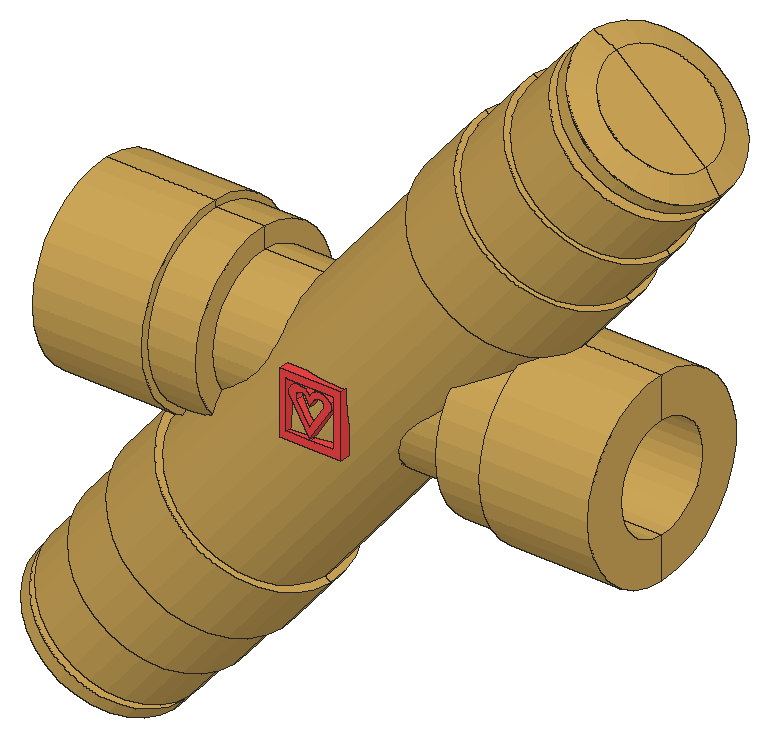
Revit family "HERZ Circulation Temperature Limiter 4011", category Rohrzubehör, Revit 2018
Family settings
  Bemaßung runder Anschluss = Durchmesser verwenden
  Teiletyp = Unterbricht
  OmniClass-Nummer = 23.65.55.14
  OmniClass-Titel = Valves for Liquid Services
  Arbeitsebenenbasiert = Nein
  Immer vertikal = Ja
  Beim Laden mit Abzugskörper schneiden = Nein
  Gemeinsam genutzt = Nein
Parameters (values of type "Factory setting 52 und 70°C")
  Part number [instance] = if(and([52_70], Nennweite = 15.000 mm), 2401101, if(and([52_70], Nennweite = 20.000 mm), 2401102, if(and([55_70], Nennweite = 15.000 mm), 2401111, if(and([55_70], Nennweite = 20.000 mm), 2401112, if(and([58_70], Nennweite = 15.000 mm), 2401117, if(and([58_70], Nennweite = 20.000 mm), 2401118, 0))))))  # 2401101
  Operation = "The HERZ Circuit Temperature Controller is a thermostatically operated proportional controller, requiring no supplementary energy, for pumped return domestic hot water systems.\r\nThe return temperature from each branch is controlled to induce flow to other areas.\r\nThe water volume is limited to the minimum required to guarantee a constant return temperature and thus circulation losses are reduced.\r\nThe valve also allows the system to be pasteurised by raising the boiler outlet temperature as it then allows increased flow to maintain the higher temperature.\r\nAs the medium temperature increases the valve closes until at the set temperature of 52 degrees the valve is closed, except for a small bleed path to maintain the temperature.\r\nAs the medium temperature reduces the valve opens to allow the higher flows until the set temperature is reached.\r\nDuring pasteurisation the boiler outlet temperature is raised above 70 degrees and the second element then pushes the first element back allowing the valve to open fully giving full flow to maintain the higher temperature to pasteurise and clean the system.\r\nAfter the required period the return temperature is reduced to normal and the valve returns to its normal operation.\r\nAccording to the construction has the valve a leakage flow from 0,65 [l/ min] at 10 [kPa] differential pressure."
  Note = "Pursuant to Article 33 of the REACH Regulation (EC No. 1907/2006), we are obliged to point out that the material lead is listed on the SVHC list and that all brass components manufactured in our products exceed 0.1% (w / w) lead (CAS: 7439-92-1 / EINECS: 231-100-4).\r\nSince lead is a component part of an alloy, actual exposure is not possible and therefore no additional information on safe use is necessary."
  Factory setting (temperatur) [instance] = if([52_70], "52 - 70°C", if([55_70], "55 - 70°C", if([58_70], "58 - 70°C", "0")))  # "52 - 70°C"
  W03 = 25.00°  # constant formula
  W02 = 15.00°  # constant formula
  W01 = 50.00°  # constant formula
  URL = "www.herzvalves.com"
  Spring = "stainless steel"  # constant formula
  SC_NennweiteBerechnet = 0
  SC_Dimension = ""
  SCTWSEQ = "AW;SBT_TYP_AW=\"104\";2"
  SCTWCODE = "04;26;02"  # constant formula
  S06 = 40.000 mm  # constant formula
  S05 = 15.000 mm  # constant formula
  S04 = 20.000 mm  # constant formula
  S03 = 60.000 mm  # constant formula
  S02 [instance] = S01 + 5.000 mm  # 11.750 mm
  S01 [instance] = D01 / 2  # 6.750 mm
  R01 = 5.000 mm  # constant formula
  Nennweite [instance] = 15.000 mm
  Medium = "Water"  # constant formula
  Max. operating temperature = 80 °C  # constant formula
  Max. operating pressure = 1000000.0 Pa  # constant formula
  L09 = 4.500 mm  # constant formula
  L08 = 1.500 mm  # constant formula
  L07 [instance] = L03 + L05 + L06  # 58.400 mm
  L06 [instance] = size_lookup("4011_0X_", "L6", 1.000 mm, Nennweite)  # 8.900 mm
  L05 [instance] = size_lookup("4011_0X_", "L5", 1.000 mm, Nennweite)  # 10.000 mm
  L04 [instance] = size_lookup("4011_0X_", "L4", 1.000 mm, Nennweite)  # 11.000 mm
  L03 [instance] = size_lookup("4011_0X_", "L3", 1.000 mm, Nennweite)  # 39.500 mm
  L02 [instance] = size_lookup("4011_0X_", "L2", 1.000 mm, Nennweite)  # 23.000 mm
  L01 [instance] = size_lookup("4011_0X_", "L1", 1.000 mm, Nennweite)  # 15.900 mm
  L00 [instance] = size_lookup("4011_0X_", "L", 1.000 mm, Nennweite)  # 81.000 mm
  IG [instance] = Nennweite / 2  # 7.500 mm
  Hersteller = "HERZ Armaturen Ges.m.b.H."  # constant formula
  Guide parts = "stainless steel"  # constant formula
  GT [instance] = size_lookup("4011_0X_", "GT", 1.000 mm, Nennweite)  # 12.000 mm
  Turned parts = "CW626N, CW617N"  # constant formula
  Seals = "EPDM"  # constant formula
  D10 = 12.000 mm  # constant formula
  D09 = 9.200 mm  # constant formula
  D08 = 8.500 mm  # constant formula
  D07 [instance] = size_lookup("4011_0X_", "D7", 1.000 mm, Nennweite)  # 13.000 mm
  D06 [instance] = size_lookup("4011_0X_", "D6", 1.000 mm, Nennweite)  # 12.200 mm
  D05 [instance] = size_lookup("4011_0X_", "D5", 1.000 mm, Nennweite)  # 12.750 mm
  D04 [instance] = size_lookup("4011_0X_", "D4", 1.000 mm, Nennweite)  # 13.750 mm
  D03 [instance] = size_lookup("4011_0X_", "D3", 1.000 mm, Nennweite)  # 9.500 mm
  D02 [instance] = size_lookup("4011_0X_", "D2", 1.000 mm, Nennweite)  # 12.500 mm
  D01 [instance] = size_lookup("4011_0X_", "D1", 1.000 mm, Nennweite)  # 13.500 mm
  Body = "CC752S"  # constant formula
  Application = "HERZ-CTC, DZR brass version. Shut-off spindle, springs and guide parts are made of stainless chrome-nickel steel.\r\nO-rings EPDM are made of materials which are recognized as safe and WRAS approved.\r\nSocket thread according ISO 7/1 (Rp).\r\nModel with two sensors.\r\n\r\nFactory setting 52 and 70°C\r\n2 4011 01: Dimension DN 15 (1/2), socket x socket, compression union 1 6292 01 for 15 mm copper pipe, and 1 6092 xx for 14 x 2.0 and 16 x 2.0 plastic pipe are to be ordered separately.\r\n2 4011 02: Dimension DN 20 (3/4), socket x socket, compression union 1 6292 02 for 18 mm copper pipe has to be ordered separately."
  58_70 = no
  55_70 = no
  52_70 = yes
Types (4, lengths in mm): name | Part number | Factory setting (temperatur) | S02 | S01 | Nennweite | L07 | L06 | L05 | L04 | L03 | L02 | L01 | L00 | IG | GT | D07 | D06 | D05 | D04 | D03 | D02 | D01 | Application | 58_70 | 55_70 | 52_70
  (no name) | 2401101 | "52 - 70°C" | 11.750 | 6.750 | 15.000 | 58.400 | 8.900 | 10.000 | 11.000 | 39.500 | 23.000 | 15.900 | 81.000 | 7.500 | 12.000 | 13.000 | 12.200 | 12.750 | 13.750 | 9.500 | 12.500 | 13.500 | "HERZ-CTC, DZR brass version. Shut-off spindle, springs and guide parts are made of stainless chrome-nickel steel.\r\nO-rings EPDM are made of materials which are recognized as safe and WRAS approved.\r\nSocket thread according ISO 7/1 (Rp).\r\nModel with two sensors.\r\n\r\nFactory setting 52 and 70°C\r\n2 4011 01: Dimension DN 15 (1/2), socket x socket, compression union 1 6292 01 for 15 mm copper pipe, and 1 6092 xx for 14 x 2.0 and 16 x 2.0 plastic pipe are to be ordered separately.\r\n2 4011 02: Dimension DN 20 (3/4), socket x socket, compression union 1 6292 02 for 18 mm copper pipe has to be ordered separately." | no | no | yes
  Factory setting 52 und 70°C | 2401101 | "52 - 70°C" | 11.750 | 6.750 | 15.000 | 58.400 | 8.900 | 10.000 | 11.000 | 39.500 | 23.000 | 15.900 | 81.000 | 7.500 | 12.000 | 13.000 | 12.200 | 12.750 | 13.750 | 9.500 | 12.500 | 13.500 | "HERZ-CTC, DZR brass version. Shut-off spindle, springs and guide parts are made of stainless chrome-nickel steel.\r\nO-rings EPDM are made of materials which are recognized as safe and WRAS approved.\r\nSocket thread according ISO 7/1 (Rp).\r\nModel with two sensors.\r\n\r\nFactory setting 52 and 70°C\r\n2 4011 01: Dimension DN 15 (1/2), socket x socket, compression union 1 6292 01 for 15 mm copper pipe, and 1 6092 xx for 14 x 2.0 and 16 x 2.0 plastic pipe are to be ordered separately.\r\n2 4011 02: Dimension DN 20 (3/4), socket x socket, compression union 1 6292 02 for 18 mm copper pipe has to be ordered separately." | no | no | yes
  Factory setting 55 und 70°C | 2401112 | "55 - 70°C" | 13.000 | 8.000 | 20.000 | 60.700 | 4.500 | 6.200 | 10.000 | 50.000 | 20.500 | 17.000 | 102.000 | 10.000 | 16.300 | 15.000 | 13.500 | 15.500 | 16.500 | 13.000 | 15.000 | 16.000 | "HERZ-CTC, DZR brass version. Shut-off spindle, springs and guide parts are made of stainless chrome-nickel steel.\r\nO-rings EPDM are made of materials which are recognized as safe and WRAS approved.\r\nSocket thread according ISO 7/1 (Rp).\r\nModel with two sensors.\r\n\r\nFactory setting 55°C and 70°C\r\n2 4011 11: Dimension DN 15 (1/2), other specifications see 2 4011 01\r\n2 4011 12: Dimension DN 20 (3/4), other specifications see 2 4011 02" | no | yes | no
  Factory setting 58 und 70°C | 2401118 | "58 - 70°C" | 13.000 | 8.000 | 20.000 | 60.700 | 4.500 | 6.200 | 10.000 | 50.000 | 20.500 | 17.000 | 102.000 | 10.000 | 16.300 | 15.000 | 13.500 | 15.500 | 16.500 | 13.000 | 15.000 | 16.000 | "HERZ-CTC, DZR brass version. Shut-off spindle, springs and guide parts are made of stainless chrome-nickel steel.\r\nO-rings EPDM are made of materials which are recognized as safe and WRAS approved.\r\nSocket thread according ISO 7/1 (Rp).\r\nModel with two sensors." | yes | no | no
Reference planes
  plane 1 "Mitte (Vorne/hinten)": y = 0
  plane 2: z = 0
  plane 3 "Mitte (Links/rechts)": x = 0
Forms (mm)
  Revolve 1, solid, material "Messing, weicher Gelbton, geschweißt", detail levels fine
    sketch origin (0, 0, 0) x (1, 0, 0) y (0, 0, 1)
      loop
        line (-28.5, 0) -> (28.5, 0) -> (28.5, 7.5) -> (40.5, 7.5) -> (40.5, 13.5) -> (24.6, 13.5) -> (24.6, 12.5) -> (17.5, 12.5) -> (17.5, 9.5) -> (-17.5, 9.5) -> (-17.5, 12.5) -> (-24.6, 12.5) -> (-24.6, 13.5) -> (-40.5, 13.5) -> (-40.5, 7.5) -> (-28.5, 7.5) -> (-28.5, 0)
      axis (-40.5, 0) -> (40.5, 0)
    angle from 0 to 360
  Revolve 2, solid, material "Messing, weicher Gelbton, geschweißt", detail levels fine
    sketch origin (0, 0, 0) x (1, 0, 0) y (0, 0, 1)
      loop
        line (0, 0) -> (25.39, 30.259) -> (14.857, 39.097) -> (7.786, 30.671) -> (8.552, 30.028) -> (-28.087, -13.637) -> (-28.853, -12.994) -> (-35.923, -21.42) -> (-25.39, -30.259) -> (0, 0)
      axis (25.39, 30.259) -> (-25.39, -30.259)
    angle from 0 to 360
  Revolve 3, solid, material "Messing, weicher Gelbton, geschweißt", detail levels fine
    sketch origin (0, 0, 0) x (1, 0, 0) y (0, 0, 1)
      loop
        line (0, 0) -> (37.539, 44.737) -> (28.193, 52.579) -> (22.472, 45.761) -> (21.859, 46.275) -> (15.432, 38.615) -> (21.56, 33.473) -> (-29.22, -27.045) -> (-35.349, -21.903) -> (-41.777, -29.563) -> (-41.164, -30.077) -> (-46.885, -36.895) -> (-37.539, -44.737) -> (0, 0)
      axis (-37.539, -44.737) -> (37.539, 44.737)
    angle from 0 to 360
  Revolve 4, solid, material "Messing, weicher Gelbton, geschweißt", detail levels fine
    sketch origin (0, 0, 0) x (1, 0, 0) y (0, 0, 1)
      loop
        line (0, 0) -> (40.431, 48.184) -> (33.92, 53.648) -> (30.636, 55.179) -> (29.31, 53.6) -> (31.455, 51.8) -> (30.491, 50.651) -> (33.709, 47.951) -> (-41.369, -41.523) -> (-44.586, -38.823) -> (-45.551, -39.972) -> (-47.696, -38.173) -> (-49.021, -39.752) -> (-46.943, -42.721) -> (-40.431, -48.184) -> (0, 0)
      axis (-40.431, -48.184) -> (40.431, 48.184)
    angle from 0 to 360
Lines and regions (mm)
  model lines, detail levels coarse+medium
    curve 1: line (-40.5, 0, 13.5) -> (-40.5, 0, -13.5)
    curve 2: line (-40.5, 0, -13.5) -> (40.5, 0, 13.5)
    curve 3: line (40.5, 0, 13.5) -> (40.5, 0, -13.5)
    curve 4: line (40.5, 0, -13.5) -> (-40.5, 0, 13.5)
    curve 5: circle (0, 0, 0) r 6.75 normal (0, -1, 0)
    curve 6: line (0, 0, 40) -> (0, 0, 60)
    curve 7: line (-15, 0, 60) -> (15, 0, 60)
    curve 8: line (15, 0, 60) -> (15, 0, 80)
    curve 9: line (15, 0, 80) -> (-15, 0, 80)
    curve 10: line (-15, 0, 80) -> (-15, 0, 60)
    curve 11: line (0, 0, 11.75) -> (13.173, 0, 40)
    curve 12: line (0, 0, 11.75) -> (-13.173, 0, 40)
    curve 13: line (-13.173, 0, 40) -> (13.173, 0, 40)
    curve 14: line (-40.5, 13.5, 0) -> (-40.5, -13.5, 0)
    curve 15: line (-40.5, -13.5, 0) -> (40.5, 13.5, 0)
    curve 16: line (40.5, 13.5, 0) -> (40.5, -13.5, 0)
    curve 17: line (40.5, -13.5, 0) -> (-40.5, 13.5, 0)
    curve 18: circle (0, 0, 0) r 6.75 normal (0, 0, 1)
    curve 19: line (0, 40, 0) -> (0, 60, 0)
    curve 20: line (-15, 60, 0) -> (15, 60, 0)
    curve 21: line (15, 60, 0) -> (15, 80, 0)
    curve 22: line (15, 80, 0) -> (-15, 80, 0)
    curve 23: line (-15, 80, 0) -> (-15, 60, 0)
    curve 24: line (0, 11.75, 0) -> (13.173, 40, 0)
    curve 25: line (0, 11.75, 0) -> (-13.173, 40, 0)
    curve 26: line (-13.173, 40, 0) -> (13.173, 40, 0)
Dimensions and locks
  "L00": Revolve 1 sketch curve to Revolve 1 sketch curve
  equal spacing: Revolve 1 sketch curve, plane 3 "Mitte (Links/rechts)", Revolve 1 sketch curve
  "L01": Revolve 1 sketch curve to Revolve 1 sketch curve  (x2)
  "L02": Revolve 1 sketch curve to Revolve 1 sketch curve  (x2)
  "GT": Revolve 1 sketch curve to Revolve 1 sketch curve  (x2)
  "IG": Revolve 1 sketch curve to plane 2  (x2)
  "D01": Revolve 1 sketch curve to plane 2  (x2)
  "D02": Revolve 1 sketch curve to plane 2  (x2)
  "D03": Revolve 1 sketch curve to Revolve 1 sketch curve
  equal spacing: Revolve 1, Revolve 2 sketch curve, Revolve 1  (x2)
  "L03": Revolve 2 sketch curve to Revolve 2 sketch curve  (x2)
  "L04": Revolve 2 sketch curve to Revolve 2 sketch curve  (x2)
  "D05": nested 1 to plane 1 "Mitte (Vorne/hinten)"
  "D04": Revolve 2 sketch curve to Revolve 2 sketch curve  (x2)
  "D05": Revolve 2 sketch curve to Revolve 2 sketch curve
  "L03": Revolve 3 sketch curve to Revolve 3 sketch curve  (x2)
  "L05": Revolve 3 sketch curve to Revolve 3 sketch curve  (x2)
  "L06": Revolve 3 sketch curve to Revolve 3 sketch curve  (x2)
  "D06": Revolve 3 sketch curve to Revolve 3 sketch curve  (x2)
  "D07": Revolve 3 sketch curve to Revolve 3 sketch curve  (x2)
  "R01": Revolve 3 sketch curve to Revolve 3 sketch curve
  equal spacing: Revolve 1, Revolve 3 sketch curve, Revolve 1
  equal spacing: Revolve 1, Revolve 4 sketch curve, Revolve 1
  "L07": Revolve 4 sketch curve to Revolve 4 sketch curve to Revolve 4 sketch curve
  "L08": Revolve 4 sketch curve to Revolve 4 sketch curve  (x2)
  "L09": Revolve 4 sketch curve to Revolve 4 sketch curve  (x2)
  "D08": Revolve 4 sketch curve to Revolve 4 sketch curve  (x2)
  "D09": Revolve 4 sketch curve to Revolve 4 sketch curve  (x2)
  "D10": Revolve 4 sketch curve to Revolve 4 sketch curve  (x2)
  "R01": Revolve 4 sketch curve to Revolve 4 sketch curve
  equal spacing: curve 1, plane 3 "Mitte (Links/rechts)", curve 3
  "L00": curve 1 to curve 3
  "D01": curve 4 to plane 2 to curve 2
  "D01": curve 3 to plane 2 to curve 4
  equal spacing: Revolve 1, curve 5, Revolve 1
  "S03": curve 6 to plane 2
  "S05": curve 10 to plane 3 "Mitte (Links/rechts)" to curve 8
  "S04": curve 9 to curve 7
  "S06": curve 13 to plane 2
  "S02": curve 12 to plane 2
  equal spacing: curve 14, plane 3 "Mitte (Links/rechts)", curve 16
  "L00": curve 14 to curve 16
  "D01": curve 15 to plane 1 "Mitte (Vorne/hinten)" to curve 17
  "D01": curve 17 to plane 1 "Mitte (Vorne/hinten)" to curve 16
  equal spacing: curve 14, curve 18, curve 16
  "S06": plane 1 "Mitte (Vorne/hinten)" to curve 19
  "S03": plane 1 "Mitte (Vorne/hinten)" to curve 19
  "S05": curve 23 to plane 3 "Mitte (Links/rechts)" to curve 21
  "S04": curve 22 to curve 20
  "S02": plane 1 "Mitte (Vorne/hinten)" to curve 25
  "S01": radius of curve 5
  "S01": radius of curve 18
  "W01": angle plane 2 to Revolve 3 sketch curve
  "W01": angle plane 2 to Revolve 4 sketch curve
  "W02": angle Revolve 4 sketch curve to Revolve 4 sketch curve  (x2)
  "W01": angle plane 2 to Revolve 2 sketch curve
  "W03": angle curve 11 to curve 6 to curve 12
  "W03": angle curve 24 to plane 3 "Mitte (Links/rechts)" to curve 25
  aligned and locked: level to plane 2
Automatic sketch dimensions
  curve 12 to plane 3 "Mitte (Links/rechts)" = 0.000 mm
  curve 6 to plane 3 "Mitte (Links/rechts)" = 0.000 mm
  curve 5 to level = 0.000 mm
  curve 25 to plane 3 "Mitte (Links/rechts)" = 0.000 mm
  curve 19 to plane 3 "Mitte (Links/rechts)" = 0.000 mm
  plane 1 "Mitte (Vorne/hinten)" to curve 18 = 0.000 mm
  Revolve 1 sketch curve to level = 0.000 mm  (x2)
  Revolve 1 sketch curve to Revolve 1 sketch curve = 1466.030 mm
  Revolve 1 sketch curve to Revolve 1 sketch curve = 1798.648 mm
  Revolve 2 sketch curve to level = 0.000 mm  (x2)
  Revolve 3 sketch curve to level = 0.000 mm
  Revolve 3 sketch curve to Revolve 3 sketch curve = 0.000 mm  (x4)
  Revolve 4 sketch curve to level = 0.000 mm
  Revolve 4 sketch curve to Revolve 4 sketch curve = 0.000 mm  (x4)
Nested families
  nested 1: "Herz-Logo-vorne" at (0, -12.75, 0) x (0, 1, 0) z (0, 0, 1), type "Herz-Logo-vorne", detail levels fine
Connectors
  piping at (-28.5, 0, 0), diameter 15, driven by "Nennweite"
    settings: on Revolve 1, index 1, connector inside diameter 609.6 mm, connector length 0.000 mm, flow factor 0, pipe flow 0.0 L/s, pressure drop 0.0 Pa, fitting loss kfactor 0, connector angle 0.00°, fixture units 0, engagement length 0.000 mm, angle of deflection 0.00°, flow configuration 0, flow direction 1, fitting loss method 0, system type 29, joint type 0, gender type 0, connector reference index -1, connector utility 0, adjustable connector no, is connector primary yes, connector description ""
  piping at (28.5, 0, 0), diameter 15, driven by "Nennweite"
    settings: on Revolve 1, index 2, connector inside diameter 609.6 mm, connector length 0.000 mm, flow factor 0, pipe flow 0.0 L/s, pressure drop 0.0 Pa, fitting loss kfactor 0, connector angle 0.00°, fixture units 0, engagement length 0.000 mm, angle of deflection 0.00°, flow configuration 0, flow direction 2, fitting loss method 0, system type 29, joint type 0, gender type 0, connector reference index -1, connector utility 0, adjustable connector no, is connector primary no, connector description ""
Definition of nested family "Herz-Logo-vorne"
  Reference planes
    plane 1 "Mitte (Vorne/hinten)": y = 0
    plane 2: z = 0
    plane 3 "Mitte (Links/rechts)": x = 0
  Forms (mm)
    Extrusion 1, solid
      sketch origin (0.732, -0.018, 0.017) x (0, -1, 0) y (0, 0, 1)
        loop
          line (-0.018, -4.517) -> (4.482, -4.517) -> (4.482, 4.483) -> (-4.518, 4.483) -> (-4.518, -4.517) -> (-0.018, -4.517)
        loop
          line (-0.05, -3.48) -> (3.482, -3.48) -> (3.482, 3.483) -> (-3.518, 3.483) -> (-3.518, -3.48) -> (-0.05, -3.48)
        loop
          arc (-0.018, 2.383) -> (-1.543, 3.287) -> (-3.067, 2.383) r 1.738
          arc (-3.067, 2.383) -> (-3.191, 1.899) -> (-3.067, 1.415) r 1.009
          line (-3.067, 1.415) -> (-0.018, -3.281) -> (3.032, 1.415)
          arc (3.032, 1.415) -> (3.156, 1.899) -> (3.032, 2.383) r 1.009
          arc (3.032, 2.383) -> (1.507, 3.287) -> (-0.018, 2.383) r 1.738
        loop
          arc (1.885, 1.272) -> (2.005, 1.675) -> (1.885, 2.079) r 0.74
          arc (1.885, 2.079) -> (1.265, 2.416) -> (0.644, 2.079) r 0.74
          line (0.644, 2.079) -> (-0.018, 0.97) -> (-0.679, 2.079)
          arc (-0.679, 2.079) -> (-1.3, 2.416) -> (-1.921, 2.079) r 0.74
          arc (-1.921, 2.079) -> (-2.04, 1.675) -> (-1.921, 1.272) r 0.74
          line (-1.921, 1.272) -> (-0.018, -1.658) -> (1.885, 1.272)
      from 0 to 1.5
  Dimensions and locks
    aligned and locked: level to plane 2
